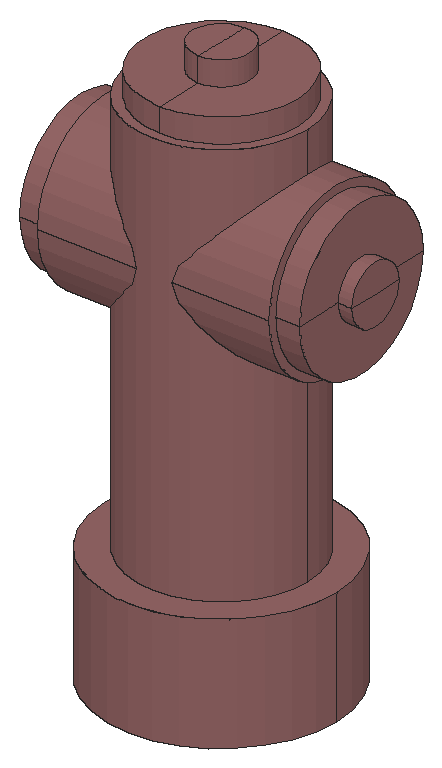
Revit family
Reference planes
  plane 1 "Center (Front/Back)": y = 0
  plane 2: z = 0
  plane 3 "Center (Left/Right)": x = 0
  plane 4: z = 395.256
Forms (mm)
  Extrusion 1, solid, material "Metal - Paint Finish - Indian Red, Matte"
    sketch origin (0, 0, 0) x (1, 0, 0) y (0, 1, 0)
      loop
        circle (0, 0) r 114.3
    from 0 to 558.8
  Extrusion 2, solid, material "Metal - Paint Finish - Indian Red, Matte"
    sketch origin (0, 0, 0) x (0, 1, 0) y (0, 0, 1)
      loop
        circle (0, 395.256) r 111.76
    from -152.4 to 152.4
  Extrusion 3, solid, material "Metal - Paint Finish - Indian Red, Matte"
    sketch origin (0, 0, 0) x (1, 0, 0) y (0, 1, 0)
      loop
        circle (0, 0) r 152.4
    from -127 to 25.4
  Revolve 4, solid, material "Metal - Paint Finish - Indian Red, Matte"
    sketch origin (0, 0, 395.256) x (0, -1, 0) y (1, 0, 0)
      loop
        line (0, 152.4) -> (0, 203.2) -> (-38.1, 203.2) -> (-38.1, 184.15) -> (-101.6, 184.15) -> (-101.6, 152.4) -> (0, 152.4)
      loop
        line (0, -152.4) -> (-101.6, -152.4) -> (-101.6, -184.15) -> (-38.1, -184.15) -> (-38.1, -203.2) -> (0, -203.2) -> (0, -152.4)
      axis (0, -203.2) -> (0, 203.2)
    angle from 0 to 360
  Revolve 5, solid, material "Metal - Paint Finish - Indian Red, Matte"
    sketch origin (0, 0, 0) x (0, 1, 0) y (0, 0, 1)
      loop
        line (0, 558.8) -> (0, 622.3) -> (-38.1, 622.3) -> (-38.1, 590.55) -> (-101.6, 590.55) -> (-101.6, 558.8) -> (0, 558.8)
      axis (0, 622.3) -> (0, 558.8)
    angle from 0 to 360
